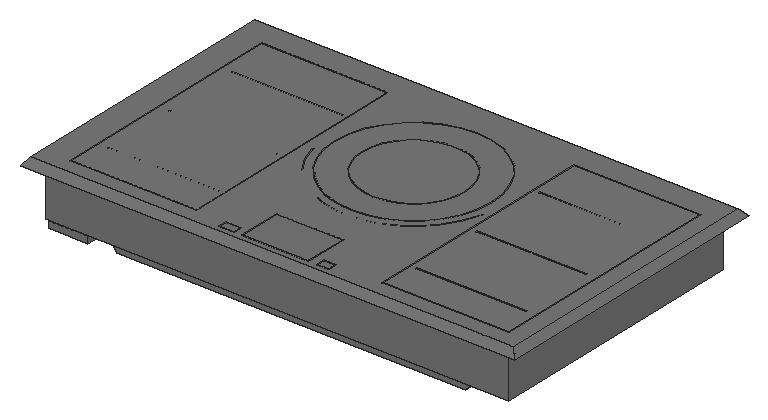
Revit family "DTI36M977BB_Revit", category Specialty Equipment, Revit 2014
Parameters (values of type "DTI36M977BB")
  ZONES WITH BOOSTER = "5"
  Width = 36"
  WI FI CONNECT = "YES"
  WATTS (W) = "10.8 KW / 9.5 KW"
  VOLTS (V) = "240 / 208"
  VIRTUAL FLAME ON/OFF = "YES"
  Unit = Stainless Steel
  TOTAL NUMBER OF COOKTOP ZONES = "9"
  Support = Plastic-Black
  SOUND ON/OFF = "YES"
  SIMMER/MELT = "YES"
  RIGHT REAR HEATING ELEMENT = "6” POWER COIL™ (VF)"
  RESIDUAL HEAT INDICATOR = "2 STAGE"
  RECOMMENDED POWER LEVEL = "YES"
  QUICK STOP = "YES"
  POWER ON/OFF = "YES"
  POWER LEVEL SETTING = "9 + POWER BOOST"
  POWER COIL CENTER (W) = "3600W / 4800W (B)"
  PAUSE = "YES"
  Model = "DTI36M977BB"
  Manufacturer = "Dacor"
  LIMITED, PARTS AND LABOR = "1 YEAR"
  KITCHEN TIMER = "YES"
  Height = 4"
  HOOD CONNECTIVITY ON/OFF = "YES"
  GUIDED COOKING = "YES - 15 EA"
  FREQUENCY (HZ) = "60"
  FLEX ZONE RIGHT REAR (W) = "1400W / 1800W (B)"
  FLEX ZONE RIGHT = "8 1/5”W X 15 6/25”D"
  FLEX ZONE POWER = "3300W / 3600W (B)"
  FLEX ZONE LEFT REAR (W) = "1800W / 2600W (B)"
  FLEX ZONE LEFT FRONT (W) = "1800W / 2600W (B)"
  FLEX ZONE LEFT = "8 1/5”W X 15 6/25”D"
  ENERGY SOURCE = "ELECTRIC"
  Description = "36-INCH INDUCTION COOKTOP MODERNIST COLLECTION"
  Depth = 21 1/4"
  DEMO MODE = "YES"
  CIRCUIT BREAKER (A) = "45"
  CHILD LOCK = "YES"
  CENTER HEATING ELEMENT = "7”/11” POWER COIL™ (VF)"
  BLUETOOTH CONNECT = "YES"
  AUTO PAN DETECTION = "YES"
Reference planes (in)
  plane 1 "Center (Front/Back)": y = 0
  plane 2: z = 0
  plane 3 "Center (Left/Right)": x = 0
  plane 4: y = 10.625
  plane 5: y = -10.625
  plane 6: x = -18
  plane 7: x = 18
  plane 8: z = 4
  plane 9: y = -12.5
  plane 10: x = -16.875
  plane 11: x = 16.875
  plane 12: y = 9.75
  plane 13: y = -9.75
  plane 14: z = 4.5
Forms (in)
  Extrusion 1, solid, material "Stainless Steel" <- "Unit"
    sketch origin (0, 0, 0) x (1, 0, 0) y (0, 1, 0)
      loop
        line (-18, 10.625) -> (-18, -10.625) -> (18, -10.625) -> (18, 10.625) -> (-18, 10.625)
      loop
        line (-15.61958, 8.37776) -> (-15.61958, -9.12224) -> (-6.36958, -9.12224) -> (-6.36958, 8.37776) -> (-15.61958, 8.37776)
      loop
        line (-15.54536, 8.30354) -> (-15.54536, -9.04802) -> (-6.4438, -9.04802) -> (-6.4438, 8.30354) -> (-15.54536, 8.30354)
      loop
        line (-14.8226, 4.71193) -> (-14.8226, 4.63771) -> (-6.8226, 4.63771) -> (-6.8226, 4.71193) -> (-14.8226, 4.71193)
      loop
        line (-14.8226, -1.03807) -> (-14.8226, -1.11229) -> (-6.8226, -1.11229) -> (-6.8226, -1.03807) -> (-14.8226, -1.03807)
      loop
        line (-14.8226, -6.53807) -> (-14.8226, -6.61229) -> (-6.8226, -6.61229) -> (-6.8226, -6.53807) -> (-14.8226, -6.53807)
      loop
        circle (0.46691, 2.10168) r 5.75
      loop
        circle (0.46691, 2.10168) r 5.68801
      loop
        circle (0.46691, 2.10168) r 3.75
      loop
        circle (0.46691, 2.10168) r 3.71013
      loop
        line (-2.56013, -6.53807) -> (-2.56013, -9.75) -> (2.25316, -9.75) -> (2.25316, -6.53807) -> (-2.56013, -6.53807)
      loop
        line (2.89209, -9.12224) -> (2.89209, -9.75) -> (3.74401, -9.75) -> (3.74401, -9.12224) -> (2.89209, -9.12224)
      loop
        line (-4.22136, -9.12224) -> (-4.22136, -9.75) -> (-3.15647, -9.75) -> (-3.15647, -9.12224) -> (-4.22136, -9.12224)
      loop
        line (16.36958, 8.37776) -> (7.11958, 8.37776) -> (7.11958, -9.12224) -> (16.36958, -9.12224) -> (16.36958, 8.37776)
      loop
        line (16.29536, 8.30354) -> (7.1938, 8.30354) -> (7.1938, -9.04802) -> (16.29536, -9.04802) -> (16.29536, 8.30354)
      loop
        line (15.5726, 4.71193) -> (7.5726, 4.71193) -> (7.5726, 4.63771) -> (15.5726, 4.63771) -> (15.5726, 4.71193)
      loop
        line (15.5726, -1.03807) -> (7.5726, -1.03807) -> (7.5726, -1.11229) -> (15.5726, -1.11229) -> (15.5726, -1.03807)
      loop
        line (15.5726, -6.53807) -> (7.5726, -6.53807) -> (7.5726, -6.61229) -> (15.5726, -6.61229) -> (15.5726, -6.53807)
      loop
        line (-5.64305, 0.59332) -> (-5.71945, 0.59332)
        arc (-5.71945, 0.59332) -> (0.49505, -4.27213) -> (6.6676, 0.64643) r 6.36672
        line (6.6676, 0.64643) -> (6.59136, 0.64643)
        arc (6.59136, 0.64643) -> (0.49507, -4.19791) -> (-5.64305, 0.59332) r 6.2925
    from 4.5 to 4
  Extrusion 2, solid, material "Stainless Steel" <- "Unit"
    sketch origin (0, 0, 0) x (1, 0, 0) y (0, 1, 0)
      loop
        line (-16.875, 9.75) -> (-16.875, -9.75) -> (16.875, -9.75) -> (16.875, 9.75) -> (-16.875, 9.75)
    from 0.5182 to 4
  Extrusion 3, solid, material "Plastic-Black" <- "Support"
    sketch origin (0, 0, 4) x (0, 1, 0) y (1, 0, 0)
      loop
        line (-6.53807, -2.56013) -> (-6.53807, 2.25316) -> (-9.75, 2.25316) -> (-9.75, -2.56013) -> (-6.53807, -2.56013)
      loop
        line (-9.12224, -4.22136) -> (-9.12224, -3.15647) -> (-9.75, -3.15647) -> (-9.75, -4.22136) -> (-9.12224, -4.22136)
      loop
        line (-9.12224, 2.89209) -> (-9.12224, 3.74401) -> (-9.75, 3.74401) -> (-9.75, 2.89209) -> (-9.12224, 2.89209)
    from 0 to -0.5
  Extrusion 4, solid, material "Stainless Steel" <- "Unit"
    sketch origin (0, 0, 0) x (1, 0, 0) y (0, 0, 1)
      loop
        line (-16.6355, 0.5182) -> (-16.6355, 0) -> (-13.77092, 0) -> (-13.77092, 0.5182) -> (-16.6355, 0.5182)
      loop
        line (-11.92367, 0.5182) -> (-11.70749, 0.14375) -> (13.76213, 0.14375) -> (14.07633, 0.5182) -> (-11.92367, 0.5182)
    from -9.75 to 9.75
  Sweep 5, void
    path in 3D
      loop
        line (18, 10.625, 4.5) -> (-18, 10.625, 4.5) -> (-18, -10.625, 4.5) -> (18, -10.625, 4.5) -> (18, 10.625, 4.5)
    profile origin (18, 0, 4.5) x (-1, 0, 0) y (0, 0, 1)
      loop
        line (0, 0) -> (0, -0.5) -> (0.41955, 0) -> (0, 0)
Cuts and joins
  Sweep 5 cuts Extrusion 1
Lines and regions (in)
  sketch lines
    curve 1: line (18, -10.625, 4.5) -> (18, 10.625, 4.5)
    curve 2: line (18, 10.625, 4.5) -> (-18, 10.625, 4.5)
    curve 3: line (-18, -10.625, 4.5) -> (18, -10.625, 4.5)
    curve 4: line (-18, 10.625, 4.5) -> (-18, -10.625, 4.5)
Dimensions and locks (in)
  equal spacing: plane 6, plane 3 "Center (Left/Right)", plane 7
  "Width": plane 6 to plane 7
  equal spacing: plane 4, plane 1 "Center (Front/Back)", plane 5
  "Depth": plane 4 to plane 5
  "Height": plane 8 to plane 2
  plane 5 to plane 9 = 1 7/8"
  equal spacing: plane 10, plane 3 "Center (Left/Right)", plane 11
  plane 10 to plane 11 = 33 3/4"
  equal spacing: plane 12, plane 1 "Center (Front/Back)", plane 13
  plane 12 to plane 13 = 19 1/2"
  aligned and locked: level to plane 2
  aligned and locked: plane 12 to Extrusion 4
  aligned and locked: Extrusion 4 to plane 13
Automatic sketch dimensions
  Extrusion 2 sketch curve to plane 10 = 0"
  Extrusion 2 sketch curve to plane 11 = 0"
  Extrusion 2 sketch curve to plane 13 = 0"
  Extrusion 2 sketch curve to plane 12 = 0"
  Extrusion 3 sketch curve to Extrusion 1 = 0"  (x8)
  Extrusion 1 to Extrusion 3 sketch curve = 0"  (x4)
  Extrusion 4 sketch curve to level = 0"
  plane 10 to Extrusion 4 sketch curve = 0.2395"
  Extrusion 4 sketch curve to Extrusion 4 sketch curve = 2.86458"
  level to Extrusion 4 sketch curve = 0.5182"
  Extrusion 4 sketch curve to Extrusion 4 sketch curve = 1.84725"
  Extrusion 4 sketch curve to Extrusion 4 sketch curve = 26"
  Extrusion 4 sketch curve to Extrusion 4 sketch curve = 0.5182"
  level to Extrusion 4 sketch curve = 0.14375"
  Extrusion 4 sketch curve to Extrusion 4 sketch curve = 0.3142"
  Extrusion 4 sketch curve to Extrusion 4 sketch curve = 0.21619"
  Extrusion 1 sketch curve to Extrusion 1 sketch curve = 0"  (x10)
  Extrusion 1 sketch curve to plane 5 = 0"
  Extrusion 1 sketch curve to plane 6 = 0"
  Extrusion 1 sketch curve to plane 13 = 0"  (x3)
  Extrusion 1 sketch curve to plane 4 = 0"
  Extrusion 1 sketch curve to plane 7 = 0"
  plane 10 to Extrusion 1 sketch curve = 1.25542"
  Extrusion 1 sketch curve to Extrusion 1 sketch curve = 19/256"  (x14)
  plane 10 to Extrusion 1 sketch curve = 2.0524"  (x3)
  plane 1 "Center (Front/Back)" to Extrusion 1 sketch curve = 1.11229"  (x2)
  plane 13 to Extrusion 1 sketch curve = 0.70198"
  Extrusion 1 sketch curve to Extrusion 1 sketch curve = 0.37879"  (x3)
  Extrusion 1 sketch curve to plane 1 "Center (Front/Back)" = 0.59332"
  Extrusion 1 sketch curve to Extrusion 1 sketch curve = 1.10315"
  Extrusion 1 sketch curve to Extrusion 1 sketch curve = 0.0764"
  Extrusion 1 sketch curve to plane 3 "Center (Left/Right)" = 4.22136"
  Extrusion 1 sketch curve to plane 3 "Center (Left/Right)" = 3.15647"
  Extrusion 1 sketch curve to plane 3 "Center (Left/Right)" = 2.56013"
  plane 3 "Center (Left/Right)" to Extrusion 1 sketch curve = 0.46691"
  Extrusion 1 sketch curve to Extrusion 1 sketch curve = 0.00085"
  plane 3 "Center (Left/Right)" to Extrusion 1 sketch curve = 2.25316"
  Extrusion 1 sketch curve to Extrusion 1 sketch curve = 0.63893"
  Extrusion 1 sketch curve to Extrusion 1 sketch curve = 0.85191"
  Extrusion 1 sketch curve to plane 1 "Center (Front/Back)" = 0.64643"
  Extrusion 1 sketch curve to Extrusion 1 sketch curve = 6.12361"
  Extrusion 1 sketch curve to plane 12 = 1.37224"
  plane 3 "Center (Left/Right)" to Extrusion 1 sketch curve = 7.11958"
  Extrusion 1 sketch curve to Extrusion 1 sketch curve = 0.905"
  Extrusion 1 sketch curve to plane 11 = 1.3024"  (x3)
  Extrusion 1 sketch curve to plane 11 = 0.57964"
  Extrusion 1 sketch curve to Extrusion 1 sketch curve = 0.62776"  (x2)
  plane 13 to Extrusion 1 sketch curve = 0.62776"
  Extrusion 1 sketch curve to Extrusion 1 sketch curve = 2.43573"  (x2)
  Extrusion 1 sketch curve to Extrusion 1 sketch curve = 2.58417"
  Extrusion 1 sketch curve to Extrusion 1 sketch curve = 0.00716"
  Extrusion 1 sketch curve to Extrusion 1 sketch curve = 3.74005"
  Extrusion 1 sketch curve to plane 1 "Center (Front/Back)" = 4.63771"
  Extrusion 1 sketch curve to plane 12 = 1.44646"
  Extrusion 1 sketch curve to Extrusion 1 sketch curve = 0.07624"
  Sweep 5 sketch curve to profile plane = 0"  (x2)
  Sweep 5 sketch curve to profile plane = 0.41955"
  Sweep 5 sketch curve to profile plane = 1/2"
  radius of Extrusion 1 sketch curve = 5 3/4"
  radius of Extrusion 1 sketch curve = 5.68801"
  radius of Extrusion 1 sketch curve = 3 3/4"
  radius of Extrusion 1 sketch curve = 3.71013"
